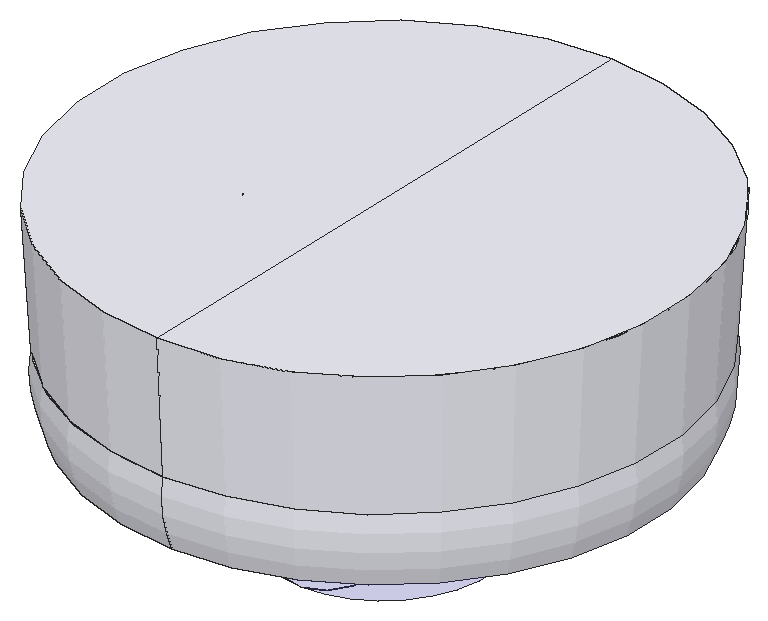
Revit family "BL4 C AP Sans hôte", category Dispositifs d'éclairage, Revit 2019
Family settings
  Conserver l'orientation des annotations = Non
  Cote de connecteur circulaire = Utiliser le diamètre
  Type d'élément = Normal
  Basée sur le plan de construction = Oui
  Toujours verticalement = Oui
  Couper avec des vides une fois chargée = Non
  Partagée = Non
  Point de calcul de pièce = Non
Parameters (values of type "BL4 C AP réf 93284")
  zone detection 2800 [instance] = Position en hauteur < 280.1 cm  # yes
  Zone de detection [instance] = no
  URL = "http://www.luxomat.com"
  Type de Sortie = "TOR"
  Température ambiante = "-25°C à +50°C"
  Référence = "93284+93183"
  Relais = "4.3 A"
  Position en hauteur [instance] = 250 cm
  Portée frontale 360° [instance] = 640 cm  # constant formula
  Portée frontale 180° [instance] = 1600 cm  # constant formula
  Portée de biais [instance] = 3200 cm  # constant formula
  Mode de pose = "Saillie"
  Hauteur de montage max préconisée [instance] = Hauteur de montage max  # 280 cm
  Hauteur de montage max = 280 cm
  Etiquette [instance] = yes
  Modèle = "BL4 C AP"
  Marque = "LUXOMAT"
  Image du type = COULOIR.jpg
  IP = "20"
  Fabricant = "B.E.G."
  Default Elevation = 0 cm
  Consommation = "0.30 W"
  Commentaires du type = "DET.MOUV.SPECIAL COULOIR.1 CONTACT.180/360°/2x8M APPARENT"
  Code d'assemblage = "D5010200"
  Classe = "II"
  Charge LED = "200 W"
  Charge Cos ɸ =1 = "1000 W"
  Charge Cos ɸ =0.5 = "500 VA"
  Alimentation = "110-240 V AC"
Reference planes (cm)
  plane 1 "Centre (avant/arrière)": y = 0
  plane 2: z = 0
  plane 3 "Centre (gauche/droite)": x = 0
Dimensions and locks (cm)
  aligned and locked: level to plane 2
  aligned and locked: nested 3 to plane 3 "Centre (gauche/droite)"
  aligned and locked: nested 3 to plane 1 "Centre (avant/arrière)"
  aligned and locked: nested 3 to nested 4  (x2)
Nested families (cm)
  nested 1: "Famille4" at (6, -62.0756, 0), visible <- "Etiquette", modèle <- "Modèle", référence <- "Référence", type "Famille4"
    with référence "93284+93183", modèle "BL4 C AP"
  nested 2: "Symbole plafond 2D couloir" at (0, 0, 0), type "Symbole plafond 2D couloir"
  nested 3: "Zone BL4 C" at (0, 0, 0), visible <- "Zone de detection", zone 2800 <- "zone detection 2800", type "Zone BL4 C"
    with zone 2800 yes, frontale 360° 640 cm, frontale 180° 1600 cm, biais 3200 cm
  nested 4: "Modèle BL4 AP" at (0, 0, 0), type "Standard"
Connectors (cm)
  electrical at (0, 0, 0)
    settings: index 1, voltage 230 V, apparent load 0 VA, apparent load phase1 0 VA, apparent load phase2 0 VA, apparent load phase3 0 VA, power factor 1, load classification "Eclairage", number of poles 1, system type 31, power factor state 1, is connector primary yes, connector utility no, sub classification motor no, connector description ""
Definition of nested family "Modèle BL4 AP"
  Parameters (values of type "Standard")
    d98 = 0 cm
    d312 = 0 cm
    d106 = 0 cm
  Reference planes (cm)
    plane 1 "Centre (avant/arrière)": y = 0
    plane 2: z = 0
    plane 3 "Centre (gauche/droite)": x = 0
    plane 4: x = 0
  Forms (cm)
    Revolve 1, solid
      sketch origin (0, 0, -2.4) x (0, 1, 0) y (0, 0, -1)
        loop
          line (0, 1.7) -> (-3.2, 1.7) -> (-4.9984, 1.3031)
          arc (-4.9984, 1.3031) -> (-5.2031, 0.6676) -> (-5.2, 0) r 2.12
          line (-5.2, 0) -> (0, 0) -> (0, 1.7)
        axis (0, 1.7) -> (0, 0)
      angle from 0 to 360
    Revolve 2, solid
      sketch origin (0, 0, -3.3) x (0, 1, 0) y (0, 0, -1)
        loop
          arc (0, 3) -> (-1.9416, 2.3969) -> (-3.2, 0.8) r 3.4273
          line (-3.2, 0.8) -> (0, 0.8) -> (0, 3)
        axis (0, 0.8) -> (0, 3)
      angle from 0 to 360
    Extrusion 3, solid
      sketch origin (0, -4.85, -1.6) x (0, -1, 0) y (1, 0, 0)
        loop
          arc (-2.75, 1.1876) -> (-4.7797, 2.3963) -> (-6.95, 1.4632) r 2.6
          line (-6.95, 1.4632) -> (-6.95, -1.4632)
          arc (-6.95, -1.4632) -> (-4.7797, -2.3963) -> (-2.75, -1.1876) r 2.6
          line (-2.75, -1.1876) -> (-2.75, 1.1876)
      from -0.8 to 1.5
    Revolve 4, solid
      sketch origin (0, 0, -2.4) x (0, -1, 0) y (0, 0, -1)
        loop
          line (0, -2.3) -> (-2.1, -2.3) -> (-2.1, 0) -> (-5.2, 0) -> (-5.3562, -2.4) -> (0, -2.4) -> (0, -2.3)
        axis (0, 0) -> (0, -2.4)
      angle from 0 to 360
    Revolve 5, solid, not visible
      sketch origin (0, 0, 0) x (0, -1, 0) y (0, 0, 1)
        loop
          line (0, 1.7) -> (-3.2, 1.7) -> (-4.9984, 1.3031)
          arc (-4.9984, 1.3031) -> (-5.2031, 0.6676) -> (-5.2, 0) r 2.12
          line (-5.2, 0) -> (0, 0) -> (0, 1.7)
        axis (0, 1.7) -> (0, 0)
      angle from 0 to 360
    Revolve 6, solid, not visible
      sketch origin (0, 0, 0.9) x (0, -1, 0) y (0, 0, 1)
        loop
          arc (0, 3) -> (-1.9416, 2.3969) -> (-3.2, 0.8) r 3.4273
          line (-3.2, 0.8) -> (0, 0.8) -> (0, 3)
        axis (0, 0.8) -> (0, 3)
      angle from 0 to 360
    Extrusion 7, solid, not visible
      sketch origin (0, 4.85, -0.8) x (1, 0, 0) y (0, -1, 0)
        loop
          arc (1.1876, 2.75) -> (2.3963, 4.7797) -> (1.4632, 6.95) r 2.6
          line (1.4632, 6.95) -> (-1.4632, 6.95)
          arc (-1.4632, 6.95) -> (-2.3963, 4.7797) -> (-1.1876, 2.75) r 2.6
          line (-1.1876, 2.75) -> (1.1876, 2.75)
      from -0.8 to 1.5
    Revolve 8, solid, not visible
      sketch origin (0, 0, 0) x (0, 1, 0) y (0, 0, 1)
        loop
          line (0, -2.3) -> (-2.1, -2.3) -> (-2.1, 0) -> (-5.2, 0) -> (-5.3562, -2.4) -> (0, -2.4) -> (0, -2.3)
        axis (0, 0) -> (0, -2.4)
      angle from 0 to 360
  Lines and regions (cm)
    reference lines
      curve 1: line (0, 0, -2.4) -> (0, -4.85, -2.4)
      curve 2: line (0, 0, -5.4) -> (0, 0, -3.2)
      curve 3: circle (0, 0, -2.4) r 3.2 normal (0, 0, 1)
      curve 4: line (0.1, -2.1, 2.2) -> (-0.7, -2.1, 2.2)
    reference lines, not visible
      curve 5: line (0, 0, 0) -> (0, 4.85, 0)
      curve 6: line (0, 0, 3) -> (0, 0, 0.8)
      curve 7: circle (0, 0, 0) r 3.2 normal (0, 0, -1)
      curve 8: line (0.1, 2.1, -4.6) -> (-0.7, 2.1, -4.6)
  Dimensions and locks (cm)
    aligned and locked: level to plane 2
    aligned and locked: Revolve 1 sketch curve to curve 1
    aligned and locked: Revolve 2 sketch curve to curve 2
    aligned and locked: Revolve 5 sketch curve to curve 5
    aligned and locked: Revolve 6 sketch curve to curve 6
Definition of nested family "Famille4"
  Parameters (values of type "Famille4")
    référence [instance] = ""
    modèle [instance] = ""
  Reference planes (cm)
    plane 1: y = 0
    plane 2: x = 0
  Text (cm)
    label "référence\nmodèle" at (-0.0547, 0.0091, 0), shows "référence", "modèle"
Definition of nested family "Symbole plafond 2D couloir"
  Reference planes (cm)
    plane 1: y = 0
    plane 2: x = 0
  Lines and regions (cm)
    Filled region 1, type "rouge"
      outline origin (0, 0, 0) x (1, 0, 0) y (0, 1, 0)
        loop
          circle (0, 0) r 0.0294
    detail lines
      curve 1: arc (-0.0294, 0, 0) -> (0, -0.0294, 0) -> (0.0294, 0, 0) r 0.0294
      curve 2: arc (0.0294, 0, 0) -> (0, 0.0294, 0) -> (-0.0294, 0, 0) r 0.0294
      curve 3: arc (-0.1768, 0.102, 0) -> (-0.2041, 0, 0) -> (-0.1768, -0.102, 0) r 0.204
      curve 4: arc (0.1766, -0.102, 0) -> (0.2039, 0, 0) -> (0.1766, 0.102, 0) r 0.204
      curve 5: arc (-0.1404, 0.081, 0) -> (-0.1621, 0, 0) -> (-0.1404, -0.081, 0) r 0.162
      curve 6: arc (0.1402, -0.081, 0) -> (0.1619, 0, 0) -> (0.1402, 0.081, 0) r 0.162
      curve 7: arc (-0.104, 0.06, 0) -> (-0.1201, 0, 0) -> (-0.104, -0.06, 0) r 0.12
      curve 8: arc (0.1038, -0.06, 0) -> (0.1199, 0, 0) -> (0.1038, 0.06, 0) r 0.12
Definition of nested family "Zone BL4 C"
  Parameters (values of type "Zone BL4 C")
    zone 2800 [instance] = yes
    frontale 360° [instance] = 640 cm
    frontale 180° [instance] = 1600 cm
    biais [instance] = 3200 cm
  Reference planes (cm)
    plane 1 "Centre (avant/arrière)": y = 0
    plane 2: z = 0
    plane 3 "Centre (gauche/droite)": x = 0
    plane 4: x = 800
    plane 5: x = -800
    plane 6: y = 150
    plane 7: y = -150
    plane 8 "Centre (avant/arrière)": y = 0
    plane 9 "Centre (gauche/droite)": x = 0
    plane 10 "Centre (avant/arrière)": y = 0
    plane 11 "Centre (gauche/droite)": x = 0
  Lines and regions (cm)
    detail lines, in view "Niveau de réf.", visible <- "zone 2800"
      curve 1: line (628.4735, 0, 0) -> (545.5285, 0, 0)
      curve 2: line (545.5285, 0, 0) -> (573.8969, -22.1638, 0)
      curve 3: line (545.5285, 0, 0) -> (573.8969, 22.1638, 0)
      curve 4: line (0, -303.6554, 0) -> (0, -220.7104, 0)
      curve 5: line (0, -220.7104, 0) -> (-22.1638, -249.0788, 0)
      curve 6: line (0, -220.7104, 0) -> (22.1638, -249.0788, 0)
      curve 13: arc (-282.6659, 150, 0) -> (0, 320, 0) -> (282.6659, 150, 0) r 320
      curve 14: arc (-282.6659, -150, 0) -> (0, -320, 0) -> (282.6659, -150, 0) r 320
      curve 15: spline (282.6659, 150, 0) -> (416.5618, 144.8889, 0) -> (541.3329, 129.9038, 0) -> (648.4763, 106.066, 0) -> (730.6904, 75, 0) -> (782.3723, 38.8229, 0) -> (800, 0, 0) -> (782.3723, -38.8229, 0) -> (730.6904, -75, 0) -> (648.4763, -106.066, 0) -> (541.3329, -129.9038, 0) -> (416.5618, -144.8889, 0) -> (282.6659, -150, 0)
      curve 16: spline (-282.6659, 150, 0) -> (-416.5618, 144.8889, 0) -> (-541.3329, 129.9038, 0) -> (-648.4763, 106.066, 0) -> (-730.6904, 75, 0) -> (-782.3723, 38.8229, 0) -> (-800, 0, 0) -> (-782.3723, -38.8229, 0) -> (-730.6904, -75, 0) -> (-648.4763, -106.066, 0) -> (-541.3329, -129.9038, 0) -> (-416.5618, -144.8889, 0) -> (-282.6659, -150, 0)
    detail lines, in view "Niveau de réf.", visible <- "zone 2800", not visible
      curve 7: line (628.0656, -64.277, 0) -> (628.0656, 18.6681, 0)
      curve 8: line (628.0656, 18.6681, 0) -> (605.9018, -9.7003, 0)
      curve 9: line (628.0656, 18.6681, 0) -> (650.2294, -9.7003, 0)
      curve 10: line (628.0656, -64.277, 0) -> (628.0656, 18.6681, 0)
      curve 11: line (628.0656, 18.6681, 0) -> (605.9018, -9.7003, 0)
      curve 12: line (628.0656, 18.6681, 0) -> (650.2294, -9.7003, 0)
  Dimensions and locks (cm)
    aligned and locked: curve 4 to plane 11 "Centre (gauche/droite)"
    aligned and locked: curve 1 to plane 10 "Centre (avant/arrière)"
